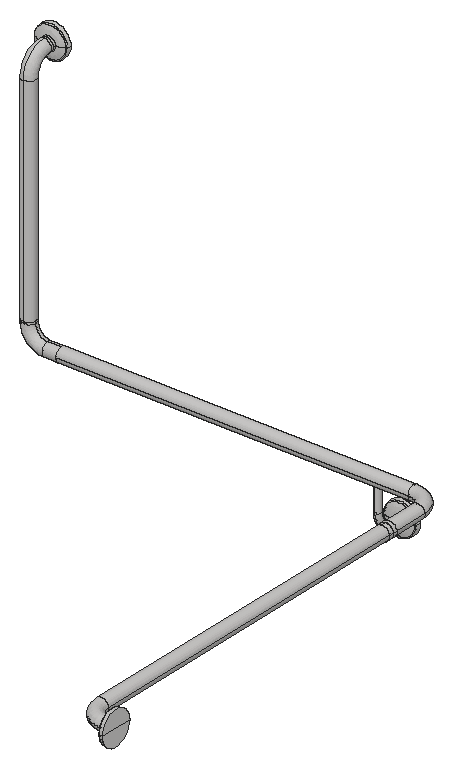
Revit family "MLR116MOD_SS", category Specialty Equipment, Revit 2019
Family settings
  Round Connector Dimension = Use Diameter
  Part Type = Normal
  OmniClass Number = 23.40.20.21.47
  OmniClass Title = Bath Grab Bars
  Work Plane-Based = No
  Always vertical = Yes
  Cut with Voids When Loaded = No
  Shared = No
  Room Calculation Point = No
Parameters (values of type "MLR115MOD")
  URL = "http://www.metlam.com.au/"
  Type Comments = "Grab Rails"  # constant formula
  Model = "MLR114MKII"
  Material_ANZRS = z_Metlam_Metal_Stainless Steel_Satin
  Manufacturer_Width = 1025 mm
  Manufacturer_URL__Product Specific = "https://www.metlam.com.au/product/content/grab-rails/MLR114MKII"
  Manufacturer_Spec Code = Model  # "MLR114MKII"
  Manufacturer_Height From FFL [instance] = 800 mm
  Manufacturer_Height = 600 mm
  Manufacturer = "Metlam"  # constant formula
  Manufacture_Depth = 1100 mm
  Keynote = ""
  Description = "30° Flush Mount Wrap Around Grab Rail RH"  # constant formula
  CreatedBy_ANZRS = "IGS BIM Solutions"  # constant formula
  CreatedByURL_ANZRS = "http://www.igsgroup.com.au/"
  Assembly Code = ""
Reference planes
  plane 1 "Ref. Level": z = 0
  plane 2 "Left Wall Mount_Centre (Elevation)": z = 784
  plane 3 "Middle Wall Mount_Centre (Elevation)": z = 686
  plane 4 "Bottom": z = 653
  plane 5 "Back": y = 610
  plane 6 "Horizontal Rail_Bottom": z = 768
  plane 7 "Mounting Height": z = 800
  plane 8 "Horizontal Rail_Front": y = 520
  plane 9 "Right": x = -1032.52
  plane 10 "2": x = -1064.52
  plane 11 "3": x = -1048.52
  plane 12 "7": x = -1182.52
  plane 13 "8": x = -1175.02
  plane 14 "12": y = 536
  plane 15 "13": y = -506
  plane 16 "14": y = 552
  plane 17 "16": x = -974.52
  plane 18 "17": y = -490
  plane 19 "18": y = -474
  plane 20 "19": z = 670
  plane 21 "23": z = 1384
  plane 22 "24": z = 1368
  plane 23 "25": z = 1400
  plane 24: y = 397
  plane 25 "20": x = -2015.302
  plane 26 "21": x = -1999.52
  plane 27 "22": x = -1983.52
  plane 28: y = 386.85
Forms (mm)
  Sweep 1, solid, material "z_Metlam_Metal_Stainless Steel_Satin" <- "Material_ANZRS"
    path origin (-1104, 178.031, 784) x (1, 0, 0) y (0, -1, 0)
      loop
        line (-819.024, -357.969) -> (5.48, -357.969)
        arc (5.48, -357.969) -> (40.836, -343.325) -> (55.48, -307.969) r 50
        line (55.48, -307.969) -> (55.48, 618.031)
        arc (55.48, 618.031) -> (70.125, 653.386) -> (105.48, 668.031) r 50
        line (105.48, 668.031) -> (106.48, 668.031)
    profile origin (-1510.772, 536, 784) x (0, 1, 0) y (0, 0, 1)
      loop
        circle (0, 0) r 16
  Revolve 2, solid, material "z_Metlam_Metal_Stainless Steel_Satin" <- "Material_ANZRS"
    sketch origin (-3208.115, -1674, 784) x (1, 0, 0) y (0, 1, 0)
      loop
        line (2217.564, 1200) -> (2210.595, 1200) -> (2210.595, 1184) -> (2233.595, 1184) -> (2233.595, 1223) -> (2224.836, 1221.599)
        arc (2224.836, 1221.599) -> (2223.757, 1221.149) -> (2223, 1220.257) r 2.5
        arc (2223, 1220.257) -> (2219.238, 1210.409) -> (2217.564, 1200) r 51.397
      axis (2210.595, 1184) -> (2233.595, 1184)
    angle from 0 to 360
  Revolve 3, solid, material "z_Metlam_Metal_Stainless Steel_Satin" <- "Material_ANZRS"
    sketch origin (-65.27, -1433.595, 670) x (0, 1, 0) y (-1, 0, 0)
      loop
        line (2027.787, 1124.75) -> (2020.595, 1124.75) -> (2020.595, 1117.25) -> (2043.595, 1117.25) -> (2043.595, 1156.25) -> (2034.836, 1154.849)
        arc (2034.836, 1154.849) -> (2033.757, 1154.399) -> (2033, 1153.507) r 2.5
        arc (2033, 1153.507) -> (2028.306, 1139.507) -> (2027.787, 1124.75) r 51.397
      axis (2020.595, 1117.25) -> (2043.595, 1117.25)
    angle from 0 to 360
  Sweep 4, solid, material "z_Metlam_Metal_Stainless Steel_Satin" <- "Material_ANZRS"
    path origin (-1182.52, 273.714, 4000) x (0, 1, 0) y (0, 0, 1)
      loop
        line (313.286, -3330) -> (307.286, -3330)
        arc (307.286, -3330) -> (275.466, -3316.82) -> (262.286, -3285) r 45
        line (262.286, -3285) -> (262.286, -3216)
    profile origin (-1182.52, 536, 749.5) x (0, 1, 0) y (-1, 0, 0)
      loop
        circle (0, 0) r 7.5
  Sweep 5, solid, material "z_Metlam_Metal_Stainless Steel_Satin" <- "Material_ANZRS"
    path origin (-1104, 173.031, 784) x (1, 0, 0) y (0, -1, 0)
      loop
        line (55.48, -228.894) -> (55.48, -218.894)
    profile origin (-1048.52, 396.925, 784) x (1, 0, 0) y (0, 0, 1)
      loop
        circle (0, 0) r 17
  Revolve 6, solid, material "z_Metlam_Metal_Stainless Steel_Satin" <- "Material_ANZRS"
    sketch origin (-3612.176, -1433.595, 1384) x (0, 1, 0) y (-1, 0, 0)
      loop
        arc (2027.564, -1628.656) -> (2029.238, -1639.065) -> (2033, -1648.913) r 51.397
        arc (2033, -1648.913) -> (2033.757, -1649.805) -> (2034.836, -1650.255) r 2.5
        line (2034.836, -1650.255) -> (2043.595, -1651.656) -> (2043.595, -1612.656) -> (2020.595, -1612.656) -> (2020.595, -1628.656) -> (2027.564, -1628.656)
      axis (2020.595, -1612.656) -> (2043.595, -1612.656)
    angle from 0 to 360
  Sweep 7, solid, material "z_Metlam_Metal_Stainless Steel_Satin" <- "Material_ANZRS"
    path origin (-1999.52, 273.714, 4000) x (0, 1, 0) y (0, 0, 1)
      loop
        line (262.286, -3166) -> (262.286, -2661)
        arc (262.286, -2661) -> (275.466, -2629.18) -> (307.286, -2616) r 45
        line (307.286, -2616) -> (313.286, -2616)
    profile origin (-1999.52, 584, 1384) x (0, 0, -1) y (-1, 0, 0)
      loop
        circle (0, 0) r 16
  Sweep 8, solid, material "z_Metlam_Metal_Stainless Steel_Satin" <- "Material_ANZRS"
    path origin (-2389.756, 536, 4000) x (-1, 0, 0) y (0, 0, 1)
      loop
        line (-390.237, -3166) -> (-390.237, -3171)
        arc (-390.237, -3171) -> (-403.417, -3202.82) -> (-435.237, -3216) r 45
        line (-435.237, -3216) -> (-466.732, -3216)
    profile origin (-1938.772, 536, 784) x (0, 0, -1) y (0, 1, 0)
      loop
        circle (0, 0) r 16
  Sweep 9, solid, material "z_Metlam_Metal_Stainless Steel_Satin" <- "Material_ANZRS"
    path origin (-1104, 610.82, 784) x (1, 0, 0) y (0, 1, 0)
      loop
        line (55.48, -228.894) -> (55.48, -218.894)
    profile origin (-1048.52, 386.925, 784) x (-1, 0, 0) y (0, 0, 1)
      loop
        circle (0, 0) r 17
Cuts and joins
  joined: Sweep 1, Revolve 2, Revolve 3, Sweep 4, Revolve 6, Sweep 7, Sweep 8, Sweep 9
Lines and regions (mm)
  symbolic lines, style "Grab Rails"
    curve 1: line (-1409.302, 536, 784) -> (-1414.302, 536, 775.34)
    curve 2: line (-2015.52, 536, 1393.8) -> (-2020.52, 536, 1385.14)
Text (mm)
  text "Disclaimer:\nDue to ongoing product development and manufacturing evolution, product details are subject to change without notice.\nPlease refer to product technical data sheets on www.metlam.com.au for the most current product information.\nPlease allow a +/- 5mm tolerance for dimensions and set-outs shown in product literature.\n© Metlam 2015" at (-315.572, 492.599, 0), in view "Ref. Level_Instruction"
Dimensions and locks
  locked: plane 3 "Middle Wall Mount_Centre (Elevation)" to plane 4 "Bottom" at 33
  locked: plane 7 "Mounting Height" to plane 2 "Left Wall Mount_Centre (Elevation)" at 16
  locked: plane 2 "Left Wall Mount_Centre (Elevation)" to plane 6 "Horizontal Rail_Bottom" at 16
  locked: plane 6 "Horizontal Rail_Bottom" to plane 3 "Middle Wall Mount_Centre (Elevation)" at 82
  locked: plane 5 "Back" to plane 8 "Horizontal Rail_Front" at 90
  locked: plane 11 "3" to plane 10 "2" at 16
  locked: plane 11 "3" to plane 9 "Right" at 16
  locked: plane 13 "8" to plane 12 "7" at 7.5
  locked: plane 12 "7" to plane 9 "Right" at 150
  plane 14 "12" to plane 8 "Horizontal Rail_Front" = 16 mm
  locked: plane 10 "2" to plane 17 "16" at 90
  plane 19 "18" to plane 18 "17" to plane 15 "13" = 16 mm locked, 16 mm locked
  "Manufacture_Depth": plane 18 "17" to plane 5 "Back"
  locked: plane 8 "Horizontal Rail_Front" to plane 16 "14" at 32
  locked: plane 3 "Middle Wall Mount_Centre (Elevation)" to plane 20 "19" at 16
  locked: plane 23 "25" to plane 21 "23" at 16
  locked: plane 21 "23" to plane 22 "24" at 16
  plane 22 "24" to plane 2 "Left Wall Mount_Centre (Elevation)" = 584 mm
  plane 24 to plane 16 "14" = 155 mm
  "Manufacturer_Width": plane 26 "21" to plane 17 "16"
  "Manufacturer_Height From FFL": plane 7 "Mounting Height" to level
  "Manufacturer_Height": plane 2 "Left Wall Mount_Centre (Elevation)" to plane 21 "23"
  plane 27 "22" to plane 26 "21" to plane 25 "20" = 16 mm locked, 15.782 mm locked
  locked: plane 27 "22" to Sweep 8 sketch curve at 60.496
  locked: Sweep 1 sketch curve to plane 26 "21" at 76.496
  aligned and locked: level to plane 1 "Ref. Level"
  aligned and locked: plane 18 "17" to Sweep 1 sketch curve
  aligned and locked: plane 11 "3" to Sweep 1 sketch curve
  aligned and locked: Revolve 3 sketch curve to plane 12 "7"
  aligned and locked: plane 12 "7" to Revolve 3 sketch curve
  aligned and locked: Sweep 4 sketch curve to plane 14 "12"
  aligned and locked: Sweep 4 sketch curve to plane 20 "19"
  aligned and locked: plane 2 "Left Wall Mount_Centre (Elevation)" to Sweep 4 sketch curve
  aligned and locked: Revolve 3 to plane 20 "19"
  aligned and locked: Revolve 6 sketch curve to plane 26 "21"
  aligned and locked: plane 26 "21" to Revolve 6 sketch curve
  aligned and locked: Revolve 6 sketch curve to plane 5 "Back"
  aligned and locked: plane 21 "23" to Sweep 7 sketch curve
  aligned and locked: plane 14 "12" to Sweep 7 sketch curve
  aligned and locked: Sweep 8 sketch curve to Sweep 7
  aligned and locked: plane 11 "3" to Sweep 5 sketch curve
  aligned and locked: Sweep 9 sketch curve to plane 11 "3"
  aligned and locked: plane 21 "23" to Revolve 6
Automatic sketch dimensions
  curve 1 to plane 2 "Left Wall Mount_Centre (Elevation)" = 0 mm
  plane 12 "7" to curve 1 = 226.782 mm
  plane 6 "Horizontal Rail_Bottom" to curve 1 = 7.34 mm
  curve 1 to curve 1 = 5 mm
  plane 25 "20" to curve 2 = 0.218 mm
  plane 21 "23" to curve 2 = 1.14 mm
  plane 25 "20" to curve 2 = 5.218 mm
  curve 2 to plane 23 "25" = 6.2 mm
  plane 14 "12" to Sweep 1 sketch curve = 0 mm
  plane 8 "Horizontal Rail_Front" to Sweep 1 sketch curve = 34 mm
  Sweep 1 sketch curve to plane 17 "16" = 24 mm
  Sweep 1 sketch curve to Sweep 1 sketch curve = 1 mm
  Sweep 1 sketch curve to plane 2 "Left Wall Mount_Centre (Elevation)" = 0 mm
  Sweep 1 sketch curve to profile plane = 0 mm
  plane 19 "18" to Revolve 2 sketch curve = 0 mm
  Revolve 2 sketch curve to plane 18 "17" = 0 mm  (x2)
  Revolve 2 sketch curve to plane 17 "16" = 0 mm
  plane 17 "16" to Revolve 2 sketch curve = 8.364 mm
  Revolve 2 sketch curve to Revolve 2 sketch curve = 0.395 mm
  plane 17 "16" to Revolve 2 sketch curve = 16.031 mm
  Revolve 2 sketch curve to Revolve 2 sketch curve = 6.969 mm
  plane 19 "18" to Revolve 2 sketch curve = 2.911 mm
  Revolve 2 sketch curve to plane 17 "16" = 35.283 mm
  Revolve 2 sketch curve to plane 19 "18" = 19.13 mm
  Revolve 2 sketch curve to Revolve 2 sketch curve = 1.342 mm
  Revolve 2 sketch curve to Revolve 2 sketch curve = 1.401 mm
  Revolve 2 sketch curve to Revolve 2 sketch curve = 10 mm
  Revolve 2 sketch curve to Revolve 2 sketch curve = 4.717 mm
  Revolve 3 sketch curve to plane 5 "Back" = 0 mm
  Revolve 3 sketch curve to plane 5 "Back" = 8.364 mm
  Revolve 3 sketch curve to Revolve 3 sketch curve = 0.395 mm
  Revolve 3 sketch curve to plane 5 "Back" = 15.809 mm
  Revolve 3 sketch curve to Revolve 3 sketch curve = 7.191 mm
  plane 12 "7" to Revolve 3 sketch curve = 13.089 mm
  plane 5 "Back" to Revolve 3 sketch curve = 35.283 mm
  Revolve 3 sketch curve to Revolve 3 sketch curve = 7.5 mm
  Revolve 3 sketch curve to Revolve 3 sketch curve = 27.63 mm
  Revolve 3 sketch curve to Revolve 3 sketch curve = 1.342 mm
  Revolve 3 sketch curve to Revolve 3 sketch curve = 1.401 mm
  Revolve 3 sketch curve to Revolve 3 sketch curve = 5.809 mm
  Revolve 3 sketch curve to Revolve 3 sketch curve = 4.717 mm
  Sweep 4 sketch curve to plane 3 "Middle Wall Mount_Centre (Elevation)" = 29 mm
  Sweep 4 sketch curve to Sweep 4 sketch curve = 0 mm  (x2)
  Sweep 4 sketch curve to Sweep 4 sketch curve = 6 mm
  Sweep 4 sketch curve to plane 12 "7" = 0 mm
  profile plane to Sweep 4 sketch curve = 0 mm
  Sweep 5 sketch curve to plane 24 = 4.925 mm
  plane 24 to Sweep 5 sketch curve = 5.075 mm
  Sweep 5 sketch curve to plane 2 "Left Wall Mount_Centre (Elevation)" = 0 mm
  profile plane to Sweep 5 sketch curve = 0 mm
  Revolve 6 sketch curve to plane 27 "22" = 0 mm
  Revolve 6 sketch curve to plane 5 "Back" = 8.364 mm
  Revolve 6 sketch curve to Revolve 6 sketch curve = 0.395 mm
  Revolve 6 sketch curve to plane 5 "Back" = 16.031 mm
  Revolve 6 sketch curve to Revolve 6 sketch curve = 6.969 mm
  plane 27 "22" to Revolve 6 sketch curve = 2.911 mm
  plane 5 "Back" to Revolve 6 sketch curve = 35.283 mm
  Revolve 6 sketch curve to plane 27 "22" = 19.13 mm
  Revolve 6 sketch curve to Revolve 6 sketch curve = 1.342 mm
  Revolve 6 sketch curve to Revolve 6 sketch curve = 1.401 mm
  Revolve 6 sketch curve to plane 5 "Back" = 10 mm
  Revolve 6 sketch curve to Revolve 6 sketch curve = 4.717 mm
  plane 5 "Back" to Sweep 7 sketch curve = 29 mm
  Sweep 7 sketch curve to Sweep 7 sketch curve = 6 mm
  Sweep 7 sketch curve to plane 7 "Mounting Height" = 34 mm
  plane 26 "21" to Sweep 7 sketch curve = 0 mm
  Sweep 7 sketch curve to profile plane = 0 mm
  Sweep 8 sketch curve to plane 2 "Left Wall Mount_Centre (Elevation)" = 0 mm
  plane 26 "21" to Sweep 8 sketch curve = 0 mm
  plane 7 "Mounting Height" to Sweep 8 sketch curve = 29 mm
  Sweep 8 sketch curve to plane 14 "12" = 0 mm
  Sweep 8 sketch curve to profile plane = 0 mm
  plane 28 to Sweep 9 sketch curve = 4.925 mm
  Sweep 9 sketch curve to plane 28 = 5.075 mm
  Sweep 9 sketch curve to plane 2 "Left Wall Mount_Centre (Elevation)" = 0 mm
  Sweep 9 sketch curve to profile plane = 0 mm
  radius of Sweep 1 sketch curve = 16 mm
  radius of Sweep 4 sketch curve = 7.5 mm
  radius of Sweep 5 sketch curve = 17 mm
  radius of Sweep 7 sketch curve = 16 mm
  radius of Sweep 8 sketch curve = 16 mm
  radius of Sweep 9 sketch curve = 17 mm
